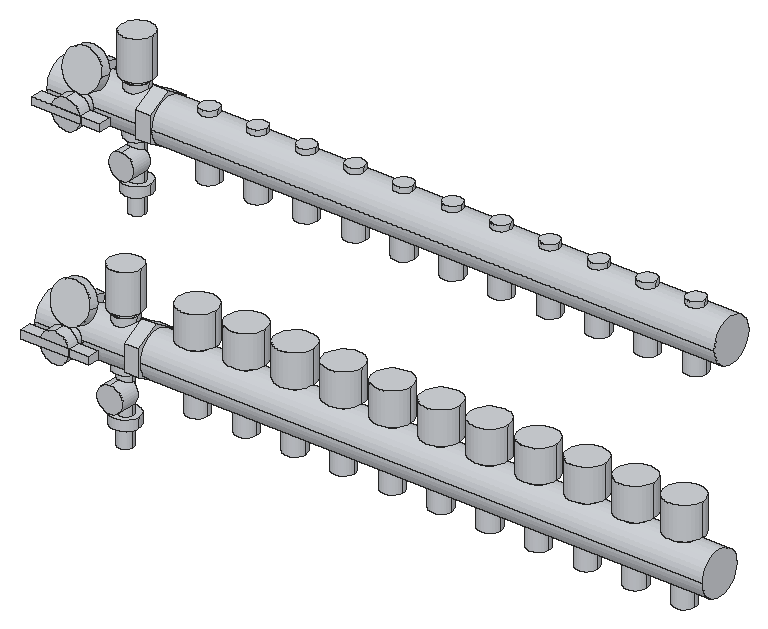
Revit family "318_dba5bdd3bf904ccfaea6eb69f10d83", category Pipe Accessories, Revit 2017
Family settings
  Round Connector Dimension = Use Diameter
  Part Type = Valve - Normal
  Work Plane-Based = No
  Always vertical = Yes
  Cut with Voids When Loaded = No
  Shared = No
Parameters (values of type "R553DK111")
  magi_piping_qv_2_9 [instance] = 0.0 L/s
  magi_piping_qv_2_8 [instance] = 0.0 L/s
  magi_piping_qv_2_7 [instance] = 0.0 L/s
  magi_piping_qv_2_6 [instance] = 0.0 L/s
  magi_piping_qv_2_5 [instance] = 0.0 L/s
  magi_piping_qv_2_4 [instance] = 0.0 L/s
  magi_piping_qv_2_3 [instance] = 0.0 L/s
  magi_piping_qv_2_2 [instance] = 0.0 L/s
  magi_piping_qv_2_11 [instance] = 0.0 L/s
  magi_piping_qv_2_10 [instance] = 0.0 L/s
  magi_piping_qv_2_1 [instance] = 0.0 L/s
  magi_piping_qv_1_9 [instance] = 0.0 L/s
  magi_piping_qv_1_8 [instance] = 0.0 L/s
  magi_piping_qv_1_7 [instance] = 0.0 L/s
  magi_piping_qv_1_6 [instance] = 0.0 L/s
  magi_piping_qv_1_5 [instance] = 0.0 L/s
  magi_piping_qv_1_4 [instance] = 0.0 L/s
  magi_piping_qv_1_3 [instance] = 0.0 L/s
  magi_piping_qv_1_2 [instance] = 0.0 L/s
  magi_piping_qv_1_11 [instance] = 0.0 L/s
  magi_piping_qv_1_10 [instance] = 0.0 L/s
  magi_piping_qv_1_1 [instance] = 0.0 L/s
  magi_piping_qv [instance] = 0.0 L/s
  magi_piping_power_9 [instance] = 0 W
  magi_piping_power_8 [instance] = 0 W
  magi_piping_power_7 [instance] = 0 W
  magi_piping_power_6 [instance] = 0 W
  magi_piping_power_5 [instance] = 0 W
  magi_piping_power_4 [instance] = 0 W
  magi_piping_power_3 [instance] = 0 W
  magi_piping_power_2 [instance] = 0 W
  magi_piping_power_11 [instance] = 0 W
  magi_piping_power_10 [instance] = 0 W
  magi_piping_power_1 [instance] = 0 W
  magi_piping_kv_9 [instance] = 0
  magi_piping_kv_8 [instance] = 0
  magi_piping_kv_7 [instance] = 0
  magi_piping_kv_6 [instance] = 0
  magi_piping_kv_5 [instance] = 0
  magi_piping_kv_4 [instance] = 0
  magi_piping_kv_3 [instance] = 0
  magi_piping_kv_2 [instance] = 0
  magi_piping_kv_11 [instance] = 0
  magi_piping_kv_10 [instance] = 0
  magi_piping_kv_1 [instance] = 0
  magi_piping_dpTot_9 [instance] = 0.0 Pa
  magi_piping_dpTot_8 [instance] = 0.0 Pa
  magi_piping_dpTot_7 [instance] = 0.0 Pa
  magi_piping_dpTot_6 [instance] = 0.0 Pa
  magi_piping_dpTot_5 [instance] = 0.0 Pa
  magi_piping_dpTot_4 [instance] = 0.0 Pa
  magi_piping_dpTot_3 [instance] = 0.0 Pa
  magi_piping_dpTot_2 [instance] = 0.0 Pa
  magi_piping_dpTot_11 [instance] = 0.0 Pa
  magi_piping_dpTot_10 [instance] = 0.0 Pa
  magi_piping_dpTot_1 [instance] = 0.0 Pa
  magi_adjustmentValue_9 [instance] = ""
  magi_adjustmentValue_8 [instance] = ""
  magi_adjustmentValue_7 [instance] = ""
  magi_adjustmentValue_6 [instance] = ""
  magi_adjustmentValue_5 [instance] = ""
  magi_adjustmentValue_4 [instance] = ""
  magi_adjustmentValue_3 [instance] = ""
  magi_adjustmentValue_2 [instance] = ""
  magi_adjustmentValue_11 [instance] = ""
  magi_adjustmentValue_10 [instance] = ""
  magi_adjustmentValue_1 [instance] = ""
  magiProductId = "dba5bdd3bf904ccfaea6eb69f10d83"
  magiProductFamilyId = "dba5bdd3bf904ccfaea6eb69f10d83"
  magiProductCode = "R553DK111"
  magiPartTypeId = 318
  Y = 15 mm
  VersionID = "2.0/2016.10.37.0/GIACOMINI_R553DK_001"
  URL = "http://www.giacomini.com/en"
  SMP = 25 mm
  SBP9 = 18 mm
  SBP8 = 18 mm
  SBP7 = 18 mm
  SBP6 = 18 mm
  SBP5 = 18 mm
  SBP4 = 18 mm
  SBP3 = 18 mm
  SBP2 = 18 mm
  SBP12 = 18 mm
  SBP11 = 18 mm
  SBP10 = 18 mm
  SBP1 = 18 mm
  RMP = 25 mm
  RBP9 = 18 mm
  RBP8 = 18 mm
  RBP7 = 18 mm
  RBP6 = 18 mm
  RBP5 = 18 mm
  RBP4 = 18 mm
  RBP3 = 18 mm
  RBP2 = 18 mm
  RBP12 = 18 mm
  RBP11 = 18 mm
  RBP10 = 18 mm
  RBP1 = 18 mm
  R2 = 22 mm
  QmdConnectorList = "321;SMP;322;SBP1;323;SBP2;324;SBP3;325;SBP4;326;SBP5;327;SBP6;328;SBP7;329;SBP8;330;SBP9;331;SBP10;332;SBP11;351;RMP;352;RBP1;353;RBP2;354;RBP3;355;RBP4;356;RBP5;357;RBP6;358;RBP7;359;RBP8;360;RBP9;361;RBP10;362;RBP11"
  Productdata [instance] = "© Progman Oy, all rights reserved"
  N9 = yes
  N8 = yes
  N7 = yes
  N6 = yes
  N5 = yes
  N4 = yes
  N3 = yes
  N12 = no
  N11 = yes
  N10 = yes
  Manufacturer = "Giacomini"
  MC_Default_elevation = 0 mm
  L = 685 mm
  I = 50 mm
  H5 = 33 mm
  H4 = 5 mm
  H3__ve = -H3  # -40 mm
  H3 = 40 mm
  H11 = 5 mm
  Flow supply main [instance] = Flow supply 1 + Flow supply 2 + Flow supply 3 + Flow supply 4 + Flow supply 5 + Flow supply 6 + Flow supply 7 + Flow supply 8 + Flow supply 9 + Flow supply 10 + Flow supply 11  # 0.0 L/s
  Flow supply 9 [instance] = 0.0 L/s
  Flow supply 8 [instance] = 0.0 L/s
  Flow supply 7 [instance] = 0.0 L/s
  Flow supply 6 [instance] = 0.0 L/s
  Flow supply 5 [instance] = 0.0 L/s
  Flow supply 4 [instance] = 0.0 L/s
  Flow supply 3 [instance] = 0.0 L/s
  Flow supply 2 [instance] = 0.0 L/s
  Flow supply 11 [instance] = 0.0 L/s
  Flow supply 10 [instance] = 0.0 L/s
  Flow supply 1 [instance] = 0.0 L/s
  Flow return main [instance] = Flow return 1 + Flow return 2 + Flow return 3 + Flow return 4 + Flow return 5 + Flow return 6 + Flow return 7 + Flow return 8 + Flow return 9 + Flow return 10 + Flow return 11  # 0.0 L/s
  Flow return 9 [instance] = 0.0 L/s
  Flow return 8 [instance] = 0.0 L/s
  Flow return 7 [instance] = 0.0 L/s
  Flow return 6 [instance] = 0.0 L/s
  Flow return 5 [instance] = 0.0 L/s
  Flow return 4 [instance] = 0.0 L/s
  Flow return 3 [instance] = 0.0 L/s
  Flow return 2 [instance] = 0.0 L/s
  Flow return 11 [instance] = 0.0 L/s
  Flow return 10 [instance] = 0.0 L/s
  Flow return 1 [instance] = 0.0 L/s
  E = 208 mm
  Description = "PREASSEMBLED MANIFOLD KIT"
  D5 = 38 mm
  D4 = 22 mm
  D31 = 18 mm
  D2 = 44 mm
  CAT0 = yes
  A = 149 mm
Reference planes
  plane 1 "Center (Front/Back)": y = 0
  plane 2 "XYPLANE": z = 0
  plane 3 "Center (Left/Right)": x = 0
  plane 4 "INIT_TEMP": y = 100
  plane 5 "379": x = 699
  plane 6 "378": x = 649
  plane 7 "377": x = 599
  plane 8 "376": x = 549
  plane 9 "375": x = 499
  plane 10 "374": x = 449
  plane 11 "373": x = 399
  plane 12 "372": x = 349
  plane 13 "371": x = 299
  plane 14 "369": x = 249
  plane 15 "368": x = 199
  plane 16 "367": x = 149
  plane 17 "366": z = 22
  plane 18 "365": z = 0
  plane 19 "364": z = -208
  plane 20 "363": y = -15
  plane 21 "362": y = 0
  plane 22 "361": x = 0
  plane 23 "360": z = -40
  plane 24 "359": z = -186
  plane 25 "358": z = -181
  plane 26 "357": z = -248
  plane 27 "356": x = 75
  plane 28 "355": z = 26
  plane 29 "354": x = 92
  plane 30 "353": z = 31
  plane 31 "352": z = -26
  plane 32 "351": z = -46
  plane 33 "350": z = -66
  plane 34 "349": z = 30
  plane 35 "348": x = 38
  plane 36 "347": y = -33
  plane 37 "346": z = 30
  plane 38 "345": y = -15
  plane 39 "344": z = -182
  plane 40 "343": z = -177
  plane 41 "342": z = -234
  plane 42 "341": z = -254
  plane 43 "340": z = -274
  plane 44 "339": z = -178
  plane 45 "338": y = -30
  plane 46 "337": z = -178
  plane 47 "336": y = -48
  plane 48 "1055": through (-712, 0, 30) normal (0, 0.2588, 0.9659)
  plane 49 "1056": through (-712, -15, 30) normal (0, -0.9659, 0.2588)
  plane 50 "1057": through (-712, -30, -178) normal (0, 0.9659, -0.2588)
  plane 51 "1058": through (-712, -15, -178) normal (0, -0.2588, -0.9659)
Forms (mm)
  Extrusion 1, solid, visible <- "N12"
    sketch origin (-750, 0, 22) x (1, 0, 0) y (0, 1, 0)
      loop
        circle (1449, 0) r 9
    from 0 to 5 <- "H11"
  Extrusion 2, solid, visible <- "N11"
    sketch origin (-750, 0, 22) x (1, 0, 0) y (0, 1, 0)
      loop
        circle (1399, 0) r 9
    from 0 to 5 <- "H11"
  Extrusion 3, solid, visible <- "N9"
    sketch origin (-750, 0, 22) x (1, 0, 0) y (0, 1, 0)
      loop
        circle (1299, 0) r 9
    from 0 to 5 <- "H11"
  Extrusion 4, solid, visible <- "N10"
    sketch origin (-750, 0, 22) x (1, 0, 0) y (0, 1, 0)
      loop
        circle (1349, 0) r 9
    from 0 to 5 <- "H11"
  Extrusion 5, solid, visible <- "N8"
    sketch origin (-750, 0, 22) x (1, 0, 0) y (0, 1, 0)
      loop
        circle (1249, 0) r 9
    from 0 to 5 <- "H11"
  Extrusion 6, solid, visible <- "N7"
    sketch origin (-750, 0, 22) x (1, 0, 0) y (0, 1, 0)
      loop
        circle (1199, 0) r 9
    from 0 to 5 <- "H11"
  Extrusion 7, solid, visible <- "N6"
    sketch origin (-750, 0, 22) x (1, 0, 0) y (0, 1, 0)
      loop
        circle (1149, 0) r 9
    from 0 to 5 <- "H11"
  Extrusion 8, solid, visible <- "N5"
    sketch origin (-750, 0, 22) x (1, 0, 0) y (0, 1, 0)
      loop
        circle (1099, 0) r 9
    from 0 to 5 <- "H11"
  Extrusion 9, solid, visible <- "N4"
    sketch origin (-750, 0, 22) x (1, 0, 0) y (0, 1, 0)
      loop
        circle (1049, 0) r 9
    from 0 to 5 <- "H11"
  Extrusion 10, solid, visible <- "N3"
    sketch origin (-750, 0, 22) x (1, 0, 0) y (0, 1, 0)
      loop
        circle (999, 0) r 9
    from 0 to 5 <- "H11"
  Extrusion 11, solid
    sketch origin (-750, 0, 22) x (1, 0, 0) y (0, 1, 0)
      loop
        circle (949, 0) r 9
    from 0 to 5 <- "H11"
  Extrusion 12, solid
    sketch origin (-750, 0, 22) x (1, 0, 0) y (0, 1, 0)
      loop
        circle (899, 0) r 9
    from 0 to 5 <- "H11"
  Extrusion 13, solid, visible <- "CAT0"
    sketch origin (0, -750, 0) x (0, 1, 0) y (0, 0, 1)
      loop
        circle (750, 0) r 22
    from 0 to 685 <- "L"
  Extrusion 14, solid
    sketch origin (-750, 0, 0) x (1, 0, 0) y (0, 1, 0)
      loop
        circle (899, 0) r 11
    from 0 to -40 <- "H3__ve"
  Extrusion 15, solid
    sketch origin (-750, 0, 0) x (1, 0, 0) y (0, 1, 0)
      loop
        circle (949, 0) r 11
    from 0 to -40 <- "H3__ve"
  Extrusion 16, solid, visible <- "N3"
    sketch origin (-750, 0, 0) x (1, 0, 0) y (0, 1, 0)
      loop
        circle (999, 0) r 11
    from 0 to -40 <- "H3__ve"
  Extrusion 17, solid, visible <- "N4"
    sketch origin (-750, 0, 0) x (1, 0, 0) y (0, 1, 0)
      loop
        circle (1049, 0) r 11
    from 0 to -40 <- "H3__ve"
  Extrusion 18, solid, visible <- "N5"
    sketch origin (-750, 0, 0) x (1, 0, 0) y (0, 1, 0)
      loop
        circle (1099, 0) r 11
    from 0 to -40 <- "H3__ve"
  Extrusion 19, solid, visible <- "N6"
    sketch origin (-750, 0, 0) x (1, 0, 0) y (0, 1, 0)
      loop
        circle (1149, 0) r 11
    from 0 to -40 <- "H3__ve"
  Extrusion 20, solid, visible <- "N7"
    sketch origin (-750, 0, 0) x (1, 0, 0) y (0, 1, 0)
      loop
        circle (1199, 0) r 11
    from 0 to -40 <- "H3__ve"
  Extrusion 21, solid, visible <- "N12"
    sketch origin (-750, 0, 0) x (1, 0, 0) y (0, 1, 0)
      loop
        circle (1449, 0) r 11
    from 0 to -40 <- "H3__ve"
  Extrusion 22, solid, visible <- "N11"
    sketch origin (-750, 0, 0) x (1, 0, 0) y (0, 1, 0)
      loop
        circle (1399, 0) r 11
    from 0 to -40 <- "H3__ve"
  Extrusion 23, solid, visible <- "N10"
    sketch origin (-750, 0, 0) x (1, 0, 0) y (0, 1, 0)
      loop
        circle (1349, 0) r 11
    from 0 to -40 <- "H3__ve"
  Extrusion 24, solid, visible <- "N9"
    sketch origin (-750, 0, 0) x (1, 0, 0) y (0, 1, 0)
      loop
        circle (1299, 0) r 11
    from 0 to -40 <- "H3__ve"
  Extrusion 25, solid, visible <- "N8"
    sketch origin (-750, 0, 0) x (1, 0, 0) y (0, 1, 0)
      loop
        circle (1249, 0) r 11
    from 0 to -40 <- "H3__ve"
  Extrusion 26, solid, visible <- "CAT0"
    sketch origin (0, -750, 0) x (0, 1, 0) y (0, 0, 1)
      loop
        circle (735, -208) r 22
    from 0 to 685 <- "L"
  Extrusion 27, solid
    sketch origin (-750, 0, -208) x (1, 0, 0) y (0, 1, 0)
      loop
        circle (949, -15) r 11
    from 0 to -40 <- "H3__ve"
  Extrusion 28, solid
    sketch origin (-750, 0, -208) x (1, 0, 0) y (0, 1, 0)
      loop
        circle (899, -15) r 11
    from 0 to -40 <- "H3__ve"
  Extrusion 29, solid, visible <- "N3"
    sketch origin (-750, 0, -208) x (1, 0, 0) y (0, 1, 0)
      loop
        circle (999, -15) r 11
    from 0 to -40 <- "H3__ve"
  Extrusion 30, solid
    sketch origin (-750, 0, -186) x (1, 0, 0) y (0, 1, 0)
      loop
        circle (899, -15) r 11
    from 0 to 5 <- "H4"
  Extrusion 31, solid
    sketch origin (-750, 0, -181) x (1, 0, 0) y (0, 1, 0)
      loop
        circle (899, -15) r 19
    from 0 to 33 <- "H5"
  Extrusion 32, solid
    sketch origin (-750, 0, -181) x (1, 0, 0) y (0, 1, 0)
      loop
        circle (949, -15) r 19
    from 0 to 33 <- "H5"
  Extrusion 33, solid
    sketch origin (-750, 0, -186) x (1, 0, 0) y (0, 1, 0)
      loop
        circle (949, -15) r 11
    from 0 to 5 <- "H4"
  Extrusion 34, solid, visible <- "N3"
    sketch origin (-750, 0, -186) x (1, 0, 0) y (0, 1, 0)
      loop
        circle (999, -15) r 11
    from 0 to 5 <- "H4"
  Extrusion 35, solid, visible <- "N3"
    sketch origin (-750, 0, -181) x (1, 0, 0) y (0, 1, 0)
      loop
        circle (999, -15) r 19
    from 0 to 33 <- "H5"
  Extrusion 36, solid, visible <- "N4"
    sketch origin (-750, 0, -181) x (1, 0, 0) y (0, 1, 0)
      loop
        circle (1049, -15) r 19
    from 0 to 33 <- "H5"
  Extrusion 37, solid, visible <- "N4"
    sketch origin (-750, 0, -186) x (1, 0, 0) y (0, 1, 0)
      loop
        circle (1049, -15) r 11
    from 0 to 5 <- "H4"
  Extrusion 38, solid, visible <- "N4"
    sketch origin (-750, 0, -208) x (1, 0, 0) y (0, 1, 0)
      loop
        circle (1049, -15) r 11
    from 0 to -40 <- "H3__ve"
  Extrusion 39, solid, visible <- "N5"
    sketch origin (-750, 0, -208) x (1, 0, 0) y (0, 1, 0)
      loop
        circle (1099, -15) r 11
    from 0 to -40 <- "H3__ve"
  Extrusion 40, solid, visible <- "N5"
    sketch origin (-750, 0, -186) x (1, 0, 0) y (0, 1, 0)
      loop
        circle (1099, -15) r 11
    from 0 to 5 <- "H4"
  Extrusion 41, solid, visible <- "N5"
    sketch origin (-750, 0, -181) x (1, 0, 0) y (0, 1, 0)
      loop
        circle (1099, -15) r 19
    from 0 to 33 <- "H5"
  Extrusion 42, solid, visible <- "N6"
    sketch origin (-750, 0, -181) x (1, 0, 0) y (0, 1, 0)
      loop
        circle (1149, -15) r 19
    from 0 to 33 <- "H5"
  Extrusion 43, solid, visible <- "N6"
    sketch origin (-750, 0, -186) x (1, 0, 0) y (0, 1, 0)
      loop
        circle (1149, -15) r 11
    from 0 to 5 <- "H4"
  Extrusion 44, solid, visible <- "N6"
    sketch origin (-750, 0, -208) x (1, 0, 0) y (0, 1, 0)
      loop
        circle (1149, -15) r 11
    from 0 to -40 <- "H3__ve"
  Extrusion 45, solid, visible <- "N7"
    sketch origin (-750, 0, -208) x (1, 0, 0) y (0, 1, 0)
      loop
        circle (1199, -15) r 11
    from 0 to -40 <- "H3__ve"
  Extrusion 46, solid, visible <- "N7"
    sketch origin (-750, 0, -186) x (1, 0, 0) y (0, 1, 0)
      loop
        circle (1199, -15) r 11
    from 0 to 5 <- "H4"
  Extrusion 47, solid, visible <- "N7"
    sketch origin (-750, 0, -181) x (1, 0, 0) y (0, 1, 0)
      loop
        circle (1199, -15) r 19
    from 0 to 33 <- "H5"
  Extrusion 48, solid, visible <- "N9"
    sketch origin (-750, 0, -181) x (1, 0, 0) y (0, 1, 0)
      loop
        circle (1299, -15) r 19
    from 0 to 33 <- "H5"
  Extrusion 49, solid, visible <- "N9"
    sketch origin (-750, 0, -186) x (1, 0, 0) y (0, 1, 0)
      loop
        circle (1299, -15) r 11
    from 0 to 5 <- "H4"
  Extrusion 50, solid, visible <- "N9"
    sketch origin (-750, 0, -208) x (1, 0, 0) y (0, 1, 0)
      loop
        circle (1299, -15) r 11
    from 0 to -40 <- "H3__ve"
  Extrusion 51, solid, visible <- "N8"
    sketch origin (-750, 0, -208) x (1, 0, 0) y (0, 1, 0)
      loop
        circle (1249, -15) r 11
    from 0 to -40 <- "H3__ve"
  Extrusion 52, solid, visible <- "N8"
    sketch origin (-750, 0, -186) x (1, 0, 0) y (0, 1, 0)
      loop
        circle (1249, -15) r 11
    from 0 to 5 <- "H4"
  Extrusion 53, solid, visible <- "N8"
    sketch origin (-750, 0, -181) x (1, 0, 0) y (0, 1, 0)
      loop
        circle (1249, -15) r 19
    from 0 to 33 <- "H5"
  Extrusion 54, solid, visible <- "N11"
    sketch origin (-750, 0, -181) x (1, 0, 0) y (0, 1, 0)
      loop
        circle (1399, -15) r 19
    from 0 to 33 <- "H5"
  Extrusion 55, solid, visible <- "N11"
    sketch origin (-750, 0, -186) x (1, 0, 0) y (0, 1, 0)
      loop
        circle (1399, -15) r 11
    from 0 to 5 <- "H4"
  Extrusion 56, solid, visible <- "N11"
    sketch origin (-750, 0, -208) x (1, 0, 0) y (0, 1, 0)
      loop
        circle (1399, -15) r 11
    from 0 to -40 <- "H3__ve"
  Extrusion 57, solid, visible <- "N12"
    sketch origin (-750, 0, -208) x (1, 0, 0) y (0, 1, 0)
      loop
        circle (1449, -15) r 11
    from 0 to -40 <- "H3__ve"
  Extrusion 58, solid, visible <- "N12"
    sketch origin (-750, 0, -186) x (1, 0, 0) y (0, 1, 0)
      loop
        circle (1449, -15) r 11
    from 0 to 5 <- "H4"
  Extrusion 59, solid, visible <- "N12"
    sketch origin (-750, 0, -181) x (1, 0, 0) y (0, 1, 0)
      loop
        circle (1449, -15) r 19
    from 0 to 33 <- "H5"
  Extrusion 60, solid, visible <- "N10"
    sketch origin (-750, 0, -181) x (1, 0, 0) y (0, 1, 0)
      loop
        circle (1349, -15) r 19
    from 0 to 33 <- "H5"
  Extrusion 61, solid, visible <- "N10"
    sketch origin (-750, 0, -186) x (1, 0, 0) y (0, 1, 0)
      loop
        circle (1349, -15) r 11
    from 0 to 5 <- "H4"
  Extrusion 62, solid, visible <- "N10"
    sketch origin (-750, 0, -208) x (1, 0, 0) y (0, 1, 0)
      loop
        circle (1349, -15) r 11
    from 0 to -40 <- "H3__ve"
  Extrusion 63, solid
    sketch origin (-750, 0, 26) x (1, 0, 0) y (0, 1, 0)
      loop
        circle (825, 0) r 12
    from 0 to -52
  Extrusion 64, solid
    sketch origin (92, -750, 0) x (0, 1, 0) y (0, 0, 1)
      loop
        line (750, 26) -> (727.483, 13) -> (727.483, -13) -> (750, -26) -> (772.517, -13) -> (772.517, 13) -> (750, 26)
    from 0 to 15
  Extrusion 65, solid
    sketch origin (-750, 0, 26) x (1, 0, 0) y (0, 1, 0)
      loop
        circle (825, 0) r 10
    from 0 to 5
  Extrusion 66, solid
    sketch origin (-750, 0, 31) x (1, 0, 0) y (0, 1, 0)
      loop
        circle (825, 0) r 16
    from 0 to 40
  Extrusion 67, solid
    sketch origin (-750, 0, -26) x (1, 0, 0) y (0, 1, 0)
      loop
        circle (825, 0) r 7.5
    from 0 to -70
  Extrusion 68, solid
    sketch origin (750, 0, 0) x (-1, 0, 0) y (0, 0, 1)
      loop
        circle (675, -46) r 13
    from 0 to -20
  Extrusion 69, solid
    sketch origin (-750, 0, -66) x (1, 0, 0) y (0, 1, 0)
      loop
        circle (825, 0) r 14
    from 0 to -10
  Extrusion 70, solid
    sketch origin (750, -33, 0) x (-1, 0, 0) y (0, 0, 1)
      loop
        circle (712, 0) r 15
    from 0 to -12
  Extrusion 71, solid
    sketch origin (-712, 0, 30) x (1, 0, 0) y (0, 0.965926, -0.258819)
      loop
        line (746, 15) -> (746, -15) -> (754, -15) -> (754, 15) -> (746, 15)
    from 0 to -18
  Extrusion 72, solid
    sketch origin (750, 0, 0) x (-1, 0, 0) y (0, 0, 1)
      loop
        circle (712, 0) r 9
    from 0 to -33
  Extrusion 73, solid
    sketch origin (750, -33, 0) x (-1, 0, 0) y (0, 0, 1)
      loop
        line (677, 4) -> (677, -4) -> (747, -4) -> (747, 4) -> (677, 4)
    from 0 to -12
  Extrusion 74, solid
    sketch origin (-712, -15, 30) x (1, 0, 0) y (0, 0.258819, 0.965926)
      loop
        circle (750, 0) r 20
    from 0 to 10
  Extrusion 75, solid
    sketch origin (-750, 0, -274) x (1, 0, 0) y (0, 1, 0)
      loop
        circle (825, -15) r 14
    from 0 to -10
  Extrusion 76, solid
    sketch origin (750, -15, 0) x (-1, 0, 0) y (0, 0, 1)
      loop
        circle (675, -254) r 13
    from 0 to -20
  Extrusion 77, solid
    sketch origin (-750, 0, -234) x (1, 0, 0) y (0, 1, 0)
      loop
        circle (825, -15) r 7.5
    from 0 to -70
  Extrusion 78, solid
    sketch origin (-750, 0, -177) x (1, 0, 0) y (0, 1, 0)
      loop
        circle (825, -15) r 16
    from 0 to 40
  Extrusion 79, solid
    sketch origin (-750, 0, -182) x (1, 0, 0) y (0, 1, 0)
      loop
        circle (825, -15) r 10
    from 0 to 5
  Extrusion 80, solid
    sketch origin (92, -750, 0) x (0, 1, 0) y (0, 0, 1)
      loop
        line (735, -182) -> (712.483, -195) -> (712.483, -221) -> (735, -234) -> (757.517, -221) -> (757.517, -195) -> (735, -182)
    from 0 to 15
  Extrusion 81, solid
    sketch origin (-750, 0, -182) x (1, 0, 0) y (0, 1, 0)
      loop
        circle (825, -15) r 12
    from 0 to -52
  Extrusion 82, solid
    sketch origin (-712, -30, -178) x (1, 0, 0) y (0, -0.258819, -0.965926)
      loop
        circle (750, 0) r 20
    from 0 to -10
  Extrusion 83, solid
    sketch origin (750, -48, 0) x (-1, 0, 0) y (0, 0, 1)
      loop
        line (677, -204) -> (677, -212) -> (747, -212) -> (747, -204) -> (677, -204)
    from 0 to -12
  Extrusion 84, solid
    sketch origin (750, -15, 0) x (-1, 0, 0) y (0, 0, 1)
      loop
        circle (712, -208) r 9
    from 0 to -33
  Extrusion 85, solid
    sketch origin (-712, -15, -178) x (1, 0, 0) y (0, -0.965926, 0.258819)
      loop
        line (746, -15) -> (754, -15) -> (754, 15) -> (746, 15) -> (746, -15)
    from 0 to 18
  Extrusion 86, solid
    sketch origin (750, -48, 0) x (-1, 0, 0) y (0, 0, 1)
      loop
        circle (712, -208) r 15
    from 0 to -12
  Extrusion 87, solid, not visible
    sketch origin (-750, 0, -40) x (1, 0, 0) y (0, 1, 0)
      loop
        circle (949, 0) r 10
    from 0 to 10
  Extrusion 88, solid, not visible
    sketch origin (-750, 0, -40) x (1, 0, 0) y (0, 1, 0)
      loop
        circle (899, 0) r 10
    from 0 to 10
  Extrusion 89, solid, not visible
    sketch origin (0, -750, 0) x (0, 1, 0) y (0, 0, 1)
      loop
        circle (735, -208) r 10
    from 0 to 10
  Extrusion 90, solid, not visible
    sketch origin (0, -750, 0) x (0, 1, 0) y (0, 0, 1)
      loop
        circle (750, 0) r 10
    from 0 to 10
  Extrusion 91, solid, not visible
    sketch origin (-750, 0, -40) x (1, 0, 0) y (0, 1, 0)
      loop
        circle (999, 0) r 10
    from 0 to 10
  Extrusion 92, solid, not visible
    sketch origin (-750, 0, -40) x (1, 0, 0) y (0, 1, 0)
      loop
        circle (1049, 0) r 10
    from 0 to 10
  Extrusion 93, solid, not visible
    sketch origin (-750, 0, -40) x (1, 0, 0) y (0, 1, 0)
      loop
        circle (1099, 0) r 10
    from 0 to 10
  Extrusion 94, solid, not visible
    sketch origin (-750, 0, -40) x (1, 0, 0) y (0, 1, 0)
      loop
        circle (1149, 0) r 10
    from 0 to 10
  Extrusion 95, solid, not visible
    sketch origin (-750, 0, -40) x (1, 0, 0) y (0, 1, 0)
      loop
        circle (1199, 0) r 10
    from 0 to 10
  Extrusion 96, solid, not visible
    sketch origin (-750, 0, -40) x (1, 0, 0) y (0, 1, 0)
      loop
        circle (1399, 0) r 10
    from 0 to 10
  Extrusion 97, solid, not visible
    sketch origin (-750, 0, -40) x (1, 0, 0) y (0, 1, 0)
      loop
        circle (1349, 0) r 10
    from 0 to 10
  Extrusion 98, solid, not visible
    sketch origin (-750, 0, -40) x (1, 0, 0) y (0, 1, 0)
      loop
        circle (1299, 0) r 10
    from 0 to 10
  Extrusion 99, solid, not visible
    sketch origin (-750, 0, -40) x (1, 0, 0) y (0, 1, 0)
      loop
        circle (1249, 0) r 10
    from 0 to 10
  Extrusion 100, solid, not visible
    sketch origin (-750, 0, -248) x (1, 0, 0) y (0, 1, 0)
      loop
        circle (999, -15) r 10
    from 0 to 10
  Extrusion 101, solid, not visible
    sketch origin (-750, 0, -248) x (1, 0, 0) y (0, 1, 0)
      loop
        circle (899, -15) r 10
    from 0 to 10
  Extrusion 102, solid, not visible
    sketch origin (-750, 0, -248) x (1, 0, 0) y (0, 1, 0)
      loop
        circle (949, -15) r 10
    from 0 to 10
  Extrusion 103, solid, not visible
    sketch origin (-750, 0, -248) x (1, 0, 0) y (0, 1, 0)
      loop
        circle (1049, -15) r 10
    from 0 to 10
  Extrusion 104, solid, not visible
    sketch origin (-750, 0, -248) x (1, 0, 0) y (0, 1, 0)
      loop
        circle (1099, -15) r 10
    from 0 to 10
  Extrusion 105, solid, not visible
    sketch origin (-750, 0, -248) x (1, 0, 0) y (0, 1, 0)
      loop
        circle (1149, -15) r 10
    from 0 to 10
  Extrusion 106, solid, not visible
    sketch origin (-750, 0, -248) x (1, 0, 0) y (0, 1, 0)
      loop
        circle (1199, -15) r 10
    from 0 to 10
  Extrusion 107, solid, not visible
    sketch origin (-750, 0, -248) x (1, 0, 0) y (0, 1, 0)
      loop
        circle (1299, -15) r 10
    from 0 to 10
  Extrusion 108, solid, not visible
    sketch origin (-750, 0, -248) x (1, 0, 0) y (0, 1, 0)
      loop
        circle (1249, -15) r 10
    from 0 to 10
  Extrusion 109, solid, not visible
    sketch origin (-750, 0, -248) x (1, 0, 0) y (0, 1, 0)
      loop
        circle (1399, -15) r 10
    from 0 to 10
  Extrusion 110, solid, not visible
    sketch origin (-750, 0, -248) x (1, 0, 0) y (0, 1, 0)
      loop
        circle (1349, -15) r 10
    from 0 to 10
Text (mm)
  text "© Progman Oy, all rights reserved" at (-472.209, -2482.653, 0), in view "Ref. Level"
Dimensions and locks
  plane 4 "INIT_TEMP" to plane 1 "Center (Front/Back)" = 100 mm
  "I": plane 6 "378" to plane 5 "379"
  "I": plane 7 "377" to plane 6 "378"
  "I": plane 8 "376" to plane 7 "377"
  "I": plane 9 "375" to plane 8 "376"
  "I": plane 10 "374" to plane 9 "375"
  "I": plane 11 "373" to plane 10 "374"
  "I": plane 12 "372" to plane 11 "373"
  "I": plane 13 "371" to plane 12 "372"
  "I": plane 14 "369" to plane 13 "371"
  "I": plane 15 "368" to plane 14 "369"
  "I": plane 16 "367" to plane 15 "368"
  "A": plane 3 "Center (Left/Right)" to plane 16 "367"
  "R2": plane 2 "XYPLANE" to plane 17 "366"
  locked: plane 2 "XYPLANE" to plane 18 "365"
  "E": plane 2 "XYPLANE" to plane 19 "364"
  "Y": plane 1 "Center (Front/Back)" to plane 20 "363"
  locked: plane 1 "Center (Front/Back)" to plane 21 "362"
  locked: plane 3 "Center (Left/Right)" to plane 22 "361"
  "H3": plane 2 "XYPLANE" to plane 23 "360"
  "R2": plane 19 "364" to plane 24 "359"
  "H4": plane 24 "359" to plane 25 "358"
  "H3": plane 19 "364" to plane 26 "357"
  locked: plane 3 "Center (Left/Right)" to plane 27 "356" at 75
  locked: plane 2 "XYPLANE" to plane 28 "355" at 26
  locked: plane 27 "356" to plane 29 "354" at 17
  locked: plane 28 "355" to plane 30 "353" at 5
  locked: plane 28 "355" to plane 31 "352" at 52
  locked: plane 31 "352" to plane 32 "351" at 20
  locked: plane 31 "352" to plane 33 "350" at 40
  locked: plane 2 "XYPLANE" to plane 34 "349" at 30
  locked: plane 3 "Center (Left/Right)" to plane 35 "348" at 38
  locked: plane 1 "Center (Front/Back)" to plane 36 "347" at 33
  locked: plane 2 "XYPLANE" to plane 37 "346" at 30
  locked: plane 1 "Center (Front/Back)" to plane 38 "345" at 15
  locked: plane 19 "364" to plane 39 "344" at 26
  locked: plane 39 "344" to plane 40 "343" at 5
  locked: plane 39 "344" to plane 41 "342" at 52
  locked: plane 41 "342" to plane 42 "341" at 20
  locked: plane 41 "342" to plane 43 "340" at 40
  locked: plane 19 "364" to plane 44 "339" at 30
  locked: plane 20 "363" to plane 45 "338" at 15
  locked: plane 19 "364" to plane 46 "337" at 30
  locked: plane 20 "363" to plane 47 "336" at 33
  "D31": diameter of Extrusion 1 sketch curve
  "D31": diameter of Extrusion 2 sketch curve
  "D31": diameter of Extrusion 3 sketch curve
  "D31": diameter of Extrusion 4 sketch curve
  "D31": diameter of Extrusion 5 sketch curve
  "D31": diameter of Extrusion 6 sketch curve
  "D31": diameter of Extrusion 7 sketch curve
  "D31": diameter of Extrusion 8 sketch curve
  "D31": diameter of Extrusion 9 sketch curve
  "D31": diameter of Extrusion 10 sketch curve
  "D31": diameter of Extrusion 11 sketch curve
  "D31": diameter of Extrusion 12 sketch curve
  "D2": diameter of Extrusion 13 sketch curve
  "D4": diameter of Extrusion 14 sketch curve
  "D4": diameter of Extrusion 15 sketch curve
  "D4": diameter of Extrusion 16 sketch curve
  "D4": diameter of Extrusion 17 sketch curve
  "D4": diameter of Extrusion 18 sketch curve
  "D4": diameter of Extrusion 19 sketch curve
  "D4": diameter of Extrusion 20 sketch curve
  "D4": diameter of Extrusion 21 sketch curve
  "D4": diameter of Extrusion 22 sketch curve
  "D4": diameter of Extrusion 23 sketch curve
  "D4": diameter of Extrusion 24 sketch curve
  "D4": diameter of Extrusion 25 sketch curve
  "D2": diameter of Extrusion 26 sketch curve
  "D4": diameter of Extrusion 27 sketch curve
  "D4": diameter of Extrusion 28 sketch curve
  "D4": diameter of Extrusion 29 sketch curve
  "D4": diameter of Extrusion 30 sketch curve
  "D5": diameter of Extrusion 31 sketch curve
  "D5": diameter of Extrusion 32 sketch curve
  "D4": diameter of Extrusion 33 sketch curve
  "D4": diameter of Extrusion 34 sketch curve
  "D5": diameter of Extrusion 35 sketch curve
  "D5": diameter of Extrusion 36 sketch curve
  "D4": diameter of Extrusion 37 sketch curve
  "D4": diameter of Extrusion 38 sketch curve
  "D4": diameter of Extrusion 39 sketch curve
  "D4": diameter of Extrusion 40 sketch curve
  "D5": diameter of Extrusion 41 sketch curve
  "D5": diameter of Extrusion 42 sketch curve
  "D4": diameter of Extrusion 43 sketch curve
  "D4": diameter of Extrusion 44 sketch curve
  "D4": diameter of Extrusion 45 sketch curve
  "D4": diameter of Extrusion 46 sketch curve
  "D5": diameter of Extrusion 47 sketch curve
  "D5": diameter of Extrusion 48 sketch curve
  "D4": diameter of Extrusion 49 sketch curve
  "D4": diameter of Extrusion 50 sketch curve
  "D4": diameter of Extrusion 51 sketch curve
  "D4": diameter of Extrusion 52 sketch curve
  "D5": diameter of Extrusion 53 sketch curve
  "D5": diameter of Extrusion 54 sketch curve
  "D4": diameter of Extrusion 55 sketch curve
  "D4": diameter of Extrusion 56 sketch curve
  "D4": diameter of Extrusion 57 sketch curve
  "D4": diameter of Extrusion 58 sketch curve
  "D5": diameter of Extrusion 59 sketch curve
  "D5": diameter of Extrusion 60 sketch curve
  "D4": diameter of Extrusion 61 sketch curve
  "D4": diameter of Extrusion 62 sketch curve
  aligned and locked: level to plane 2 "XYPLANE"
  aligned and locked: plane 5 "379" to Extrusion 1 sketch curve
  aligned and locked: plane 21 "362" to Extrusion 1 sketch curve
  aligned and locked: plane 6 "378" to Extrusion 2 sketch curve
  aligned and locked: plane 21 "362" to Extrusion 2 sketch curve
  aligned and locked: plane 8 "376" to Extrusion 3 sketch curve
  aligned and locked: plane 21 "362" to Extrusion 3 sketch curve
  aligned and locked: plane 7 "377" to Extrusion 4 sketch curve
  aligned and locked: plane 21 "362" to Extrusion 4 sketch curve
  aligned and locked: plane 9 "375" to Extrusion 5 sketch curve
  aligned and locked: plane 21 "362" to Extrusion 5 sketch curve
  aligned and locked: plane 10 "374" to Extrusion 6 sketch curve
  aligned and locked: plane 21 "362" to Extrusion 6 sketch curve
  aligned and locked: plane 11 "373" to Extrusion 7 sketch curve
  aligned and locked: plane 21 "362" to Extrusion 7 sketch curve
  aligned and locked: plane 12 "372" to Extrusion 8 sketch curve
  aligned and locked: plane 21 "362" to Extrusion 8 sketch curve
  aligned and locked: plane 13 "371" to Extrusion 9 sketch curve
  aligned and locked: plane 21 "362" to Extrusion 9 sketch curve
  aligned and locked: plane 14 "369" to Extrusion 10 sketch curve
  aligned and locked: plane 21 "362" to Extrusion 10 sketch curve
  aligned and locked: plane 15 "368" to Extrusion 11 sketch curve
  aligned and locked: plane 21 "362" to Extrusion 11 sketch curve
  aligned and locked: plane 16 "367" to Extrusion 12 sketch curve
  aligned and locked: plane 21 "362" to Extrusion 12 sketch curve
  aligned and locked: plane 18 "365" to Extrusion 13 sketch curve
  aligned and locked: Extrusion 13 sketch curve to plane 21 "362"
  aligned and locked: plane 16 "367" to Extrusion 14 sketch curve
  aligned and locked: plane 21 "362" to Extrusion 14 sketch curve
  aligned and locked: plane 15 "368" to Extrusion 15 sketch curve
  aligned and locked: plane 21 "362" to Extrusion 15 sketch curve
  aligned and locked: plane 14 "369" to Extrusion 16 sketch curve
  aligned and locked: plane 21 "362" to Extrusion 16 sketch curve
  aligned and locked: plane 13 "371" to Extrusion 17 sketch curve
  aligned and locked: plane 21 "362" to Extrusion 17 sketch curve
  aligned and locked: plane 12 "372" to Extrusion 18 sketch curve
  aligned and locked: plane 21 "362" to Extrusion 18 sketch curve
  aligned and locked: plane 11 "373" to Extrusion 19 sketch curve
  aligned and locked: plane 21 "362" to Extrusion 19 sketch curve
  aligned and locked: plane 10 "374" to Extrusion 20 sketch curve
  aligned and locked: plane 21 "362" to Extrusion 20 sketch curve
  aligned and locked: plane 5 "379" to Extrusion 21 sketch curve
  aligned and locked: plane 21 "362" to Extrusion 21 sketch curve
  aligned and locked: plane 6 "378" to Extrusion 22 sketch curve
  aligned and locked: plane 21 "362" to Extrusion 22 sketch curve
  aligned and locked: plane 7 "377" to Extrusion 23 sketch curve
  aligned and locked: plane 21 "362" to Extrusion 23 sketch curve
  aligned and locked: plane 8 "376" to Extrusion 24 sketch curve
  aligned and locked: plane 21 "362" to Extrusion 24 sketch curve
  aligned and locked: plane 9 "375" to Extrusion 25 sketch curve
  aligned and locked: plane 21 "362" to Extrusion 25 sketch curve
  aligned and locked: plane 19 "364" to Extrusion 26 sketch curve
  aligned and locked: Extrusion 26 sketch curve to plane 20 "363"
  aligned and locked: plane 15 "368" to Extrusion 27 sketch curve
  aligned and locked: plane 20 "363" to Extrusion 27 sketch curve
  aligned and locked: plane 16 "367" to Extrusion 28 sketch curve
  aligned and locked: plane 20 "363" to Extrusion 28 sketch curve
  aligned and locked: plane 14 "369" to Extrusion 29 sketch curve
  aligned and locked: plane 20 "363" to Extrusion 29 sketch curve
  aligned and locked: plane 16 "367" to Extrusion 30 sketch curve
  aligned and locked: plane 20 "363" to Extrusion 30 sketch curve
  aligned and locked: plane 16 "367" to Extrusion 31 sketch curve
  aligned and locked: plane 20 "363" to Extrusion 31 sketch curve
  aligned and locked: plane 15 "368" to Extrusion 32 sketch curve
  aligned and locked: plane 20 "363" to Extrusion 32 sketch curve
  aligned and locked: plane 15 "368" to Extrusion 33 sketch curve
  aligned and locked: plane 20 "363" to Extrusion 33 sketch curve
  aligned and locked: plane 14 "369" to Extrusion 34 sketch curve
  aligned and locked: plane 20 "363" to Extrusion 34 sketch curve
  aligned and locked: plane 14 "369" to Extrusion 35 sketch curve
  aligned and locked: plane 20 "363" to Extrusion 35 sketch curve
  aligned and locked: plane 13 "371" to Extrusion 36 sketch curve
  aligned and locked: plane 20 "363" to Extrusion 36 sketch curve
  aligned and locked: plane 13 "371" to Extrusion 37 sketch curve
  aligned and locked: plane 20 "363" to Extrusion 37 sketch curve
  aligned and locked: plane 13 "371" to Extrusion 38 sketch curve
  aligned and locked: plane 20 "363" to Extrusion 38 sketch curve
  aligned and locked: plane 12 "372" to Extrusion 39 sketch curve
  aligned and locked: plane 20 "363" to Extrusion 39 sketch curve
  aligned and locked: plane 12 "372" to Extrusion 40 sketch curve
  aligned and locked: plane 20 "363" to Extrusion 40 sketch curve
  aligned and locked: plane 12 "372" to Extrusion 41 sketch curve
  aligned and locked: plane 20 "363" to Extrusion 41 sketch curve
  aligned and locked: plane 11 "373" to Extrusion 42 sketch curve
  aligned and locked: plane 20 "363" to Extrusion 42 sketch curve
  aligned and locked: plane 11 "373" to Extrusion 43 sketch curve
  aligned and locked: plane 20 "363" to Extrusion 43 sketch curve
  aligned and locked: plane 11 "373" to Extrusion 44 sketch curve
  aligned and locked: plane 20 "363" to Extrusion 44 sketch curve
  aligned and locked: plane 10 "374" to Extrusion 45 sketch curve
  aligned and locked: plane 20 "363" to Extrusion 45 sketch curve
  aligned and locked: plane 10 "374" to Extrusion 46 sketch curve
  aligned and locked: plane 20 "363" to Extrusion 46 sketch curve
  aligned and locked: plane 10 "374" to Extrusion 47 sketch curve
  aligned and locked: plane 20 "363" to Extrusion 47 sketch curve
  aligned and locked: plane 8 "376" to Extrusion 48 sketch curve
  aligned and locked: plane 20 "363" to Extrusion 48 sketch curve
  aligned and locked: plane 8 "376" to Extrusion 49 sketch curve
  aligned and locked: plane 20 "363" to Extrusion 49 sketch curve
  aligned and locked: plane 8 "376" to Extrusion 50 sketch curve
  aligned and locked: plane 20 "363" to Extrusion 50 sketch curve
  aligned and locked: plane 9 "375" to Extrusion 51 sketch curve
  aligned and locked: plane 20 "363" to Extrusion 51 sketch curve
  aligned and locked: plane 9 "375" to Extrusion 52 sketch curve
  aligned and locked: plane 20 "363" to Extrusion 52 sketch curve
  aligned and locked: plane 9 "375" to Extrusion 53 sketch curve
  aligned and locked: plane 20 "363" to Extrusion 53 sketch curve
  aligned and locked: plane 6 "378" to Extrusion 54 sketch curve
  aligned and locked: plane 20 "363" to Extrusion 54 sketch curve
  aligned and locked: plane 6 "378" to Extrusion 55 sketch curve
  aligned and locked: plane 20 "363" to Extrusion 55 sketch curve
  aligned and locked: plane 6 "378" to Extrusion 56 sketch curve
  aligned and locked: plane 20 "363" to Extrusion 56 sketch curve
  aligned and locked: plane 5 "379" to Extrusion 57 sketch curve
  aligned and locked: plane 20 "363" to Extrusion 57 sketch curve
  aligned and locked: plane 5 "379" to Extrusion 58 sketch curve
  aligned and locked: plane 20 "363" to Extrusion 58 sketch curve
  aligned and locked: plane 5 "379" to Extrusion 59 sketch curve
  aligned and locked: plane 20 "363" to Extrusion 59 sketch curve
  aligned and locked: plane 7 "377" to Extrusion 60 sketch curve
  aligned and locked: plane 20 "363" to Extrusion 60 sketch curve
  aligned and locked: plane 7 "377" to Extrusion 61 sketch curve
  aligned and locked: plane 20 "363" to Extrusion 61 sketch curve
  aligned and locked: plane 7 "377" to Extrusion 62 sketch curve
  aligned and locked: plane 20 "363" to Extrusion 62 sketch curve
  aligned and locked: plane 21 "362" to Extrusion 63 sketch curve
  aligned and locked: plane 27 "356" to Extrusion 63 sketch curve
  aligned and locked: plane 21 "362" to Extrusion 65 sketch curve
  aligned and locked: plane 27 "356" to Extrusion 65 sketch curve
  aligned and locked: plane 21 "362" to Extrusion 66 sketch curve
  aligned and locked: plane 27 "356" to Extrusion 66 sketch curve
  aligned and locked: plane 21 "362" to Extrusion 67 sketch curve
  aligned and locked: plane 27 "356" to Extrusion 67 sketch curve
  aligned and locked: plane 27 "356" to Extrusion 68 sketch curve
  aligned and locked: plane 32 "351" to Extrusion 68 sketch curve
  aligned and locked: plane 21 "362" to Extrusion 69 sketch curve
  aligned and locked: plane 27 "356" to Extrusion 69 sketch curve
  aligned and locked: plane 18 "365" to Extrusion 70 sketch curve
  aligned and locked: plane 35 "348" to Extrusion 70 sketch curve
  aligned and locked: plane 18 "365" to Extrusion 72 sketch curve
  aligned and locked: plane 35 "348" to Extrusion 72 sketch curve
  aligned and locked: plane 35 "348" to Extrusion 74 sketch curve
  aligned and locked: plane 20 "363" to Extrusion 75 sketch curve
  aligned and locked: plane 27 "356" to Extrusion 75 sketch curve
  aligned and locked: plane 27 "356" to Extrusion 76 sketch curve
  aligned and locked: plane 42 "341" to Extrusion 76 sketch curve
  aligned and locked: plane 20 "363" to Extrusion 77 sketch curve
  aligned and locked: plane 27 "356" to Extrusion 77 sketch curve
  aligned and locked: plane 20 "363" to Extrusion 78 sketch curve
  aligned and locked: plane 27 "356" to Extrusion 78 sketch curve
  aligned and locked: plane 20 "363" to Extrusion 79 sketch curve
  aligned and locked: plane 27 "356" to Extrusion 79 sketch curve
  aligned and locked: plane 20 "363" to Extrusion 81 sketch curve
  aligned and locked: plane 27 "356" to Extrusion 81 sketch curve
  aligned and locked: plane 35 "348" to Extrusion 82 sketch curve
  aligned and locked: plane 19 "364" to Extrusion 84 sketch curve
  aligned and locked: plane 35 "348" to Extrusion 84 sketch curve
  aligned and locked: plane 19 "364" to Extrusion 86 sketch curve
  aligned and locked: plane 35 "348" to Extrusion 86 sketch curve
  aligned and locked: plane 15 "368" to Extrusion 87 sketch curve
  aligned and locked: plane 21 "362" to Extrusion 87 sketch curve
  aligned and locked: plane 16 "367" to Extrusion 88 sketch curve
  aligned and locked: plane 21 "362" to Extrusion 88 sketch curve
  aligned and locked: plane 19 "364" to Extrusion 89 sketch curve
  aligned and locked: Extrusion 89 sketch curve to plane 20 "363"
  aligned and locked: plane 18 "365" to Extrusion 90 sketch curve
  aligned and locked: Extrusion 90 sketch curve to plane 21 "362"
  aligned and locked: plane 14 "369" to Extrusion 91 sketch curve
  aligned and locked: plane 21 "362" to Extrusion 91 sketch curve
  aligned and locked: plane 13 "371" to Extrusion 92 sketch curve
  aligned and locked: plane 21 "362" to Extrusion 92 sketch curve
  aligned and locked: plane 12 "372" to Extrusion 93 sketch curve
  aligned and locked: plane 21 "362" to Extrusion 93 sketch curve
  aligned and locked: plane 11 "373" to Extrusion 94 sketch curve
  aligned and locked: plane 21 "362" to Extrusion 94 sketch curve
  aligned and locked: plane 10 "374" to Extrusion 95 sketch curve
  aligned and locked: plane 21 "362" to Extrusion 95 sketch curve
  aligned and locked: plane 6 "378" to Extrusion 96 sketch curve
  aligned and locked: plane 21 "362" to Extrusion 96 sketch curve
  aligned and locked: plane 7 "377" to Extrusion 97 sketch curve
  aligned and locked: plane 21 "362" to Extrusion 97 sketch curve
  aligned and locked: plane 8 "376" to Extrusion 98 sketch curve
  aligned and locked: plane 21 "362" to Extrusion 98 sketch curve
  aligned and locked: plane 9 "375" to Extrusion 99 sketch curve
  aligned and locked: plane 21 "362" to Extrusion 99 sketch curve
  aligned and locked: plane 14 "369" to Extrusion 100 sketch curve
  aligned and locked: plane 20 "363" to Extrusion 100 sketch curve
  aligned and locked: plane 16 "367" to Extrusion 101 sketch curve
  aligned and locked: plane 20 "363" to Extrusion 101 sketch curve
  aligned and locked: plane 15 "368" to Extrusion 102 sketch curve
  aligned and locked: plane 20 "363" to Extrusion 102 sketch curve
  aligned and locked: plane 13 "371" to Extrusion 103 sketch curve
  aligned and locked: plane 20 "363" to Extrusion 103 sketch curve
  aligned and locked: plane 12 "372" to Extrusion 104 sketch curve
  aligned and locked: plane 20 "363" to Extrusion 104 sketch curve
  aligned and locked: plane 11 "373" to Extrusion 105 sketch curve
  aligned and locked: plane 20 "363" to Extrusion 105 sketch curve
  aligned and locked: plane 10 "374" to Extrusion 106 sketch curve
  aligned and locked: plane 20 "363" to Extrusion 106 sketch curve
  aligned and locked: plane 8 "376" to Extrusion 107 sketch curve
  aligned and locked: plane 20 "363" to Extrusion 107 sketch curve
  aligned and locked: plane 9 "375" to Extrusion 108 sketch curve
  aligned and locked: plane 20 "363" to Extrusion 108 sketch curve
  aligned and locked: plane 6 "378" to Extrusion 109 sketch curve
  aligned and locked: plane 20 "363" to Extrusion 109 sketch curve
  aligned and locked: plane 7 "377" to Extrusion 110 sketch curve
  aligned and locked: plane 20 "363" to Extrusion 110 sketch curve
Automatic sketch dimensions
  Extrusion 63 sketch curve to plane 27 "356" = 12 mm
  Extrusion 64 sketch curve to plane 1 "Center (Front/Back)" = 0 mm  (x2)
  Extrusion 64 sketch curve to plane 31 "352" = 0 mm
  Extrusion 64 sketch curve to plane 28 "355" = 0 mm
  plane 45 "338" to Extrusion 64 sketch curve = 7.483 mm
  Extrusion 64 sketch curve to plane 17 "366" = 9 mm  (x2)
  Extrusion 64 sketch curve to plane 1 "Center (Front/Back)" = 22.517 mm
  Extrusion 64 sketch curve to level = 13 mm  (x2)
  Extrusion 65 sketch curve to plane 27 "356" = 10 mm
  Extrusion 66 sketch curve to plane 27 "356" = 16 mm
  Extrusion 67 sketch curve to plane 27 "356" = 7.5 mm
  plane 33 "350" to Extrusion 68 sketch curve = 7 mm
  Extrusion 69 sketch curve to plane 27 "356" = 14 mm
  plane 31 "352" to Extrusion 70 sketch curve = 11 mm
  Extrusion 71 sketch curve to plane 35 "348" = 4 mm
  plane 49 "1056" to Extrusion 71 sketch curve = 0.511 mm
  plane 35 "348" to Extrusion 71 sketch curve = 4 mm
  Extrusion 71 sketch curve to plane 50 "1057" = 9.857 mm
  Extrusion 72 sketch curve to level = 9 mm
  Extrusion 73 sketch curve to plane 27 "356" = 2 mm
  plane 3 "Center (Left/Right)" to Extrusion 73 sketch curve = 3 mm
  Extrusion 73 sketch curve to level = 4 mm
  level to Extrusion 73 sketch curve = 4 mm
  Extrusion 74 sketch curve to plane 48 "1055" = 3.882 mm
  plane 3 "Center (Left/Right)" to Extrusion 74 sketch curve = 18 mm
  Extrusion 75 sketch curve to plane 27 "356" = 14 mm
  plane 43 "340" to Extrusion 76 sketch curve = 7 mm
  Extrusion 77 sketch curve to plane 27 "356" = 7.5 mm
  Extrusion 78 sketch curve to plane 27 "356" = 16 mm
  Extrusion 79 sketch curve to plane 27 "356" = 10 mm
  Extrusion 80 sketch curve to plane 20 "363" = 0 mm  (x2)
  Extrusion 80 sketch curve to plane 41 "342" = 0 mm
  Extrusion 80 sketch curve to plane 39 "344" = 0 mm
  Extrusion 80 sketch curve to plane 36 "347" = 4.517 mm
  Extrusion 80 sketch curve to plane 1 "Center (Front/Back)" = 7.517 mm
  Extrusion 80 sketch curve to plane 19 "364" = 13 mm  (x2)
  Extrusion 80 sketch curve to plane 24 "359" = 9 mm  (x2)
  Extrusion 81 sketch curve to plane 27 "356" = 12 mm
  plane 51 "1058" to Extrusion 82 sketch curve = 3.882 mm
  plane 3 "Center (Left/Right)" to Extrusion 82 sketch curve = 18 mm
  Extrusion 83 sketch curve to plane 27 "356" = 2 mm
  plane 3 "Center (Left/Right)" to Extrusion 83 sketch curve = 3 mm
  Extrusion 83 sketch curve to plane 19 "364" = 4 mm
  plane 19 "364" to Extrusion 83 sketch curve = 4 mm
  Extrusion 84 sketch curve to plane 19 "364" = 9 mm
  Extrusion 85 sketch curve to plane 35 "348" = 4 mm
  Extrusion 85 sketch curve to plane 50 "1057" = 0.511 mm
  plane 35 "348" to Extrusion 85 sketch curve = 4 mm
  plane 50 "1057" to Extrusion 85 sketch curve = 29.489 mm
  plane 41 "342" to Extrusion 86 sketch curve = 11 mm
  plane 20 "363" to Extrusion 87 sketch curve = 5 mm
  plane 20 "363" to Extrusion 88 sketch curve = 5 mm
  plane 45 "338" to Extrusion 89 sketch curve = 5 mm
  plane 20 "363" to Extrusion 90 sketch curve = 5 mm
  plane 20 "363" to Extrusion 91 sketch curve = 5 mm
  plane 20 "363" to Extrusion 92 sketch curve = 5 mm
  plane 20 "363" to Extrusion 93 sketch curve = 5 mm
  plane 20 "363" to Extrusion 94 sketch curve = 5 mm
  plane 20 "363" to Extrusion 95 sketch curve = 5 mm
  plane 20 "363" to Extrusion 96 sketch curve = 5 mm
  plane 20 "363" to Extrusion 97 sketch curve = 5 mm
  plane 20 "363" to Extrusion 98 sketch curve = 5 mm
  plane 20 "363" to Extrusion 99 sketch curve = 5 mm
  plane 45 "338" to Extrusion 100 sketch curve = 5 mm
  plane 45 "338" to Extrusion 101 sketch curve = 5 mm
  plane 45 "338" to Extrusion 102 sketch curve = 5 mm
  plane 45 "338" to Extrusion 103 sketch curve = 5 mm
  plane 45 "338" to Extrusion 104 sketch curve = 5 mm
  plane 45 "338" to Extrusion 105 sketch curve = 5 mm
  plane 45 "338" to Extrusion 106 sketch curve = 5 mm
  plane 45 "338" to Extrusion 107 sketch curve = 5 mm
  plane 45 "338" to Extrusion 108 sketch curve = 5 mm
  plane 45 "338" to Extrusion 109 sketch curve = 5 mm
  plane 45 "338" to Extrusion 110 sketch curve = 5 mm
Connectors
  piping at (0, 0, 0), diameter 25, driven by "Flow supply main", driven by "SMP"
    settings: on Extrusion 90, index 1, connector inside diameter 609.6 mm, connector length 0 mm, flow factor 0, pipe flow 0.0 L/s, pressure drop 0.0 Pa, fitting loss kfactor 0, connector angle 0.00°, fixture units 0, engagement length 0 mm, angle of deflection 0.00°, flow configuration 1, flow direction 1, fitting loss method 0, system type 7, joint type 0, gender type 0, connector reference index -1, connector utility 0, adjustable connector no, is connector primary yes, connector description "Main_1_1"
  piping at (149, 0, -40), diameter 18, driven by "Flow supply 1", driven by "SBP1"
    settings: on Extrusion 88, index 2, connector inside diameter 609.6 mm, connector length 0 mm, flow factor 0, pipe flow 0.0 L/s, pressure drop 0.0 Pa, fitting loss kfactor 0, connector angle 0.00°, fixture units 0, engagement length 0 mm, angle of deflection 0.00°, flow configuration 0, flow direction 2, fitting loss method 0, system type 7, joint type 0, gender type 0, connector reference index -1, connector utility 0, adjustable connector no, is connector primary no, connector description "Branch_1_1"
  piping at (199, 0, -40), diameter 18, driven by "Flow supply 2", driven by "SBP2"
    settings: on Extrusion 87, index 3, connector inside diameter 609.6 mm, connector length 0 mm, flow factor 0, pipe flow 0.0 L/s, pressure drop 0.0 Pa, fitting loss kfactor 0, connector angle 0.00°, fixture units 0, engagement length 0 mm, angle of deflection 0.00°, flow configuration 0, flow direction 2, fitting loss method 0, system type 7, joint type 0, gender type 0, connector reference index -1, connector utility 0, adjustable connector no, is connector primary no, connector description "Branch_1_2"
  piping at (249, 0, -40), diameter 18, driven by "Flow supply 3", driven by "SBP3"
    settings: on Extrusion 91, index 4, connector inside diameter 609.6 mm, connector length 0 mm, flow factor 0, pipe flow 0.0 L/s, pressure drop 0.0 Pa, fitting loss kfactor 0, connector angle 0.00°, fixture units 0, engagement length 0 mm, angle of deflection 0.00°, flow configuration 0, flow direction 2, fitting loss method 0, system type 7, joint type 0, gender type 0, connector reference index -1, connector utility 0, adjustable connector no, is connector primary no, connector description "Branch_1_3"
  piping at (299, 0, -40), diameter 18, driven by "Flow supply 4", driven by "SBP4"
    settings: on Extrusion 92, index 5, connector inside diameter 609.6 mm, connector length 0 mm, flow factor 0, pipe flow 0.0 L/s, pressure drop 0.0 Pa, fitting loss kfactor 0, connector angle 0.00°, fixture units 0, engagement length 0 mm, angle of deflection 0.00°, flow configuration 0, flow direction 2, fitting loss method 0, system type 7, joint type 0, gender type 0, connector reference index -1, connector utility 0, adjustable connector no, is connector primary no, connector description "Branch_1_4"
  piping at (349, 0, -40), diameter 18, driven by "Flow supply 5", driven by "SBP5"
    settings: on Extrusion 93, index 6, connector inside diameter 609.6 mm, connector length 0 mm, flow factor 0, pipe flow 0.0 L/s, pressure drop 0.0 Pa, fitting loss kfactor 0, connector angle 0.00°, fixture units 0, engagement length 0 mm, angle of deflection 0.00°, flow configuration 0, flow direction 2, fitting loss method 0, system type 7, joint type 0, gender type 0, connector reference index -1, connector utility 0, adjustable connector no, is connector primary no, connector description "Branch_1_5"
  piping at (399, 0, -40), diameter 18, driven by "Flow supply 6", driven by "SBP6"
    settings: on Extrusion 94, index 7, connector inside diameter 609.6 mm, connector length 0 mm, flow factor 0, pipe flow 0.0 L/s, pressure drop 0.0 Pa, fitting loss kfactor 0, connector angle 0.00°, fixture units 0, engagement length 0 mm, angle of deflection 0.00°, flow configuration 0, flow direction 2, fitting loss method 0, system type 7, joint type 0, gender type 0, connector reference index -1, connector utility 0, adjustable connector no, is connector primary no, connector description "Branch_1_6"
  piping at (449, 0, -40), diameter 18, driven by "Flow supply 7", driven by "SBP7"
    settings: on Extrusion 95, index 8, connector inside diameter 609.6 mm, connector length 0 mm, flow factor 0, pipe flow 0.0 L/s, pressure drop 0.0 Pa, fitting loss kfactor 0, connector angle 0.00°, fixture units 0, engagement length 0 mm, angle of deflection 0.00°, flow configuration 0, flow direction 2, fitting loss method 0, system type 7, joint type 0, gender type 0, connector reference index -1, connector utility 0, adjustable connector no, is connector primary no, connector description "Branch_1_7"
  piping at (499, 0, -40), diameter 18, driven by "Flow supply 8", driven by "SBP8"
    settings: on Extrusion 99, index 9, connector inside diameter 609.6 mm, connector length 0 mm, flow factor 0, pipe flow 0.0 L/s, pressure drop 0.0 Pa, fitting loss kfactor 0, connector angle 0.00°, fixture units 0, engagement length 0 mm, angle of deflection 0.00°, flow configuration 0, flow direction 2, fitting loss method 0, system type 7, joint type 0, gender type 0, connector reference index -1, connector utility 0, adjustable connector no, is connector primary no, connector description "Branch_1_8"
  piping at (549, 0, -40), diameter 18, driven by "Flow supply 9", driven by "SBP9"
    settings: on Extrusion 98, index 10, connector inside diameter 609.6 mm, connector length 0 mm, flow factor 0, pipe flow 0.0 L/s, pressure drop 0.0 Pa, fitting loss kfactor 0, connector angle 0.00°, fixture units 0, engagement length 0 mm, angle of deflection 0.00°, flow configuration 0, flow direction 2, fitting loss method 0, system type 7, joint type 0, gender type 0, connector reference index -1, connector utility 0, adjustable connector no, is connector primary no, connector description "Branch_1_9"
  piping at (599, 0, -40), diameter 18, driven by "Flow supply 10", driven by "SBP10"
    settings: on Extrusion 97, index 11, connector inside diameter 609.6 mm, connector length 0 mm, flow factor 0, pipe flow 0.0 L/s, pressure drop 0.0 Pa, fitting loss kfactor 0, connector angle 0.00°, fixture units 0, engagement length 0 mm, angle of deflection 0.00°, flow configuration 0, flow direction 2, fitting loss method 0, system type 7, joint type 0, gender type 0, connector reference index -1, connector utility 0, adjustable connector no, is connector primary no, connector description "Branch_1_10"
  piping at (649, 0, -40), diameter 18, driven by "Flow supply 11", driven by "SBP11"
    settings: on Extrusion 96, index 12, connector inside diameter 609.6 mm, connector length 0 mm, flow factor 0, pipe flow 0.0 L/s, pressure drop 0.0 Pa, fitting loss kfactor 0, connector angle 0.00°, fixture units 0, engagement length 0 mm, angle of deflection 0.00°, flow configuration 0, flow direction 2, fitting loss method 0, system type 7, joint type 0, gender type 0, connector reference index -1, connector utility 0, adjustable connector no, is connector primary no, connector description "Branch_1_11"
  piping at (0, -15, -208), diameter 25, driven by "Flow return main", driven by "RMP"
    settings: on Extrusion 89, index 13, connector inside diameter 609.6 mm, connector length 0 mm, flow factor 0, pipe flow 0.0 L/s, pressure drop 0.0 Pa, fitting loss kfactor 0, connector angle 0.00°, fixture units 0, engagement length 0 mm, angle of deflection 0.00°, flow configuration 1, flow direction 2, fitting loss method 0, system type 8, joint type 0, gender type 0, connector reference index -1, connector utility 0, adjustable connector no, is connector primary no, connector description "Main_2_1"
  piping at (149, -15, -248), diameter 18, driven by "Flow return 1", driven by "RBP1"
    settings: on Extrusion 101, index 14, connector inside diameter 609.6 mm, connector length 0 mm, flow factor 0, pipe flow 0.0 L/s, pressure drop 0.0 Pa, fitting loss kfactor 0, connector angle 0.00°, fixture units 0, engagement length 0 mm, angle of deflection 0.00°, flow configuration 0, flow direction 1, fitting loss method 0, system type 8, joint type 0, gender type 0, connector reference index -1, connector utility 0, adjustable connector no, is connector primary no, connector description "Branch_2_1"
  piping at (199, -15, -248), diameter 18, driven by "Flow return 2", driven by "RBP2"
    settings: on Extrusion 102, index 15, connector inside diameter 609.6 mm, connector length 0 mm, flow factor 0, pipe flow 0.0 L/s, pressure drop 0.0 Pa, fitting loss kfactor 0, connector angle 0.00°, fixture units 0, engagement length 0 mm, angle of deflection 0.00°, flow configuration 0, flow direction 1, fitting loss method 0, system type 8, joint type 0, gender type 0, connector reference index -1, connector utility 0, adjustable connector no, is connector primary no, connector description "Branch_2_2"
  piping at (249, -15, -248), diameter 18, driven by "Flow return 3", driven by "RBP3"
    settings: on Extrusion 100, index 16, connector inside diameter 609.6 mm, connector length 0 mm, flow factor 0, pipe flow 0.0 L/s, pressure drop 0.0 Pa, fitting loss kfactor 0, connector angle 0.00°, fixture units 0, engagement length 0 mm, angle of deflection 0.00°, flow configuration 0, flow direction 1, fitting loss method 0, system type 8, joint type 0, gender type 0, connector reference index -1, connector utility 0, adjustable connector no, is connector primary no, connector description "Branch_2_3"
  piping at (299, -15, -248), diameter 18, driven by "Flow return 4", driven by "RBP4"
    settings: on Extrusion 103, index 17, connector inside diameter 609.6 mm, connector length 0 mm, flow factor 0, pipe flow 0.0 L/s, pressure drop 0.0 Pa, fitting loss kfactor 0, connector angle 0.00°, fixture units 0, engagement length 0 mm, angle of deflection 0.00°, flow configuration 0, flow direction 1, fitting loss method 0, system type 8, joint type 0, gender type 0, connector reference index -1, connector utility 0, adjustable connector no, is connector primary no, connector description "Branch_2_4"
  piping at (349, -15, -248), diameter 18, driven by "Flow return 5", driven by "RBP5"
    settings: on Extrusion 104, index 18, connector inside diameter 609.6 mm, connector length 0 mm, flow factor 0, pipe flow 0.0 L/s, pressure drop 0.0 Pa, fitting loss kfactor 0, connector angle 0.00°, fixture units 0, engagement length 0 mm, angle of deflection 0.00°, flow configuration 0, flow direction 1, fitting loss method 0, system type 8, joint type 0, gender type 0, connector reference index -1, connector utility 0, adjustable connector no, is connector primary no, connector description "Branch_2_5"
  piping at (399, -15, -248), diameter 18, driven by "Flow return 6", driven by "RBP6"
    settings: on Extrusion 105, index 19, connector inside diameter 609.6 mm, connector length 0 mm, flow factor 0, pipe flow 0.0 L/s, pressure drop 0.0 Pa, fitting loss kfactor 0, connector angle 0.00°, fixture units 0, engagement length 0 mm, angle of deflection 0.00°, flow configuration 0, flow direction 1, fitting loss method 0, system type 8, joint type 0, gender type 0, connector reference index -1, connector utility 0, adjustable connector no, is connector primary no, connector description "Branch_2_6"
  piping at (449, -15, -248), diameter 18, driven by "Flow return 7", driven by "RBP7"
    settings: on Extrusion 106, index 20, connector inside diameter 609.6 mm, connector length 0 mm, flow factor 0, pipe flow 0.0 L/s, pressure drop 0.0 Pa, fitting loss kfactor 0, connector angle 0.00°, fixture units 0, engagement length 0 mm, angle of deflection 0.00°, flow configuration 0, flow direction 1, fitting loss method 0, system type 8, joint type 0, gender type 0, connector reference index -1, connector utility 0, adjustable connector no, is connector primary no, connector description "Branch_2_7"
  piping at (499, -15, -248), diameter 18, driven by "Flow return 8", driven by "RBP8"
    settings: on Extrusion 108, index 21, connector inside diameter 609.6 mm, connector length 0 mm, flow factor 0, pipe flow 0.0 L/s, pressure drop 0.0 Pa, fitting loss kfactor 0, connector angle 0.00°, fixture units 0, engagement length 0 mm, angle of deflection 0.00°, flow configuration 0, flow direction 1, fitting loss method 0, system type 8, joint type 0, gender type 0, connector reference index -1, connector utility 0, adjustable connector no, is connector primary no, connector description "Branch_2_8"
  piping at (549, -15, -248), diameter 18, driven by "Flow return 9", driven by "RBP9"
    settings: on Extrusion 107, index 22, connector inside diameter 609.6 mm, connector length 0 mm, flow factor 0, pipe flow 0.0 L/s, pressure drop 0.0 Pa, fitting loss kfactor 0, connector angle 0.00°, fixture units 0, engagement length 0 mm, angle of deflection 0.00°, flow configuration 0, flow direction 1, fitting loss method 0, system type 8, joint type 0, gender type 0, connector reference index -1, connector utility 0, adjustable connector no, is connector primary no, connector description "Branch_2_9"
  piping at (599, -15, -248), diameter 18, driven by "Flow return 10", driven by "RBP10"
    settings: on Extrusion 110, index 23, connector inside diameter 609.6 mm, connector length 0 mm, flow factor 0, pipe flow 0.0 L/s, pressure drop 0.0 Pa, fitting loss kfactor 0, connector angle 0.00°, fixture units 0, engagement length 0 mm, angle of deflection 0.00°, flow configuration 0, flow direction 1, fitting loss method 0, system type 8, joint type 0, gender type 0, connector reference index -1, connector utility 0, adjustable connector no, is connector primary no, connector description "Branch_2_10"
  piping at (649, -15, -248), diameter 18, driven by "Flow return 11", driven by "RBP11"
    settings: on Extrusion 109, index 24, connector inside diameter 609.6 mm, connector length 0 mm, flow factor 0, pipe flow 0.0 L/s, pressure drop 0.0 Pa, fitting loss kfactor 0, connector angle 0.00°, fixture units 0, engagement length 0 mm, angle of deflection 0.00°, flow configuration 0, flow direction 1, fitting loss method 0, system type 8, joint type 0, gender type 0, connector reference index -1, connector utility 0, adjustable connector no, is connector primary no, connector description "Branch_2_11"
